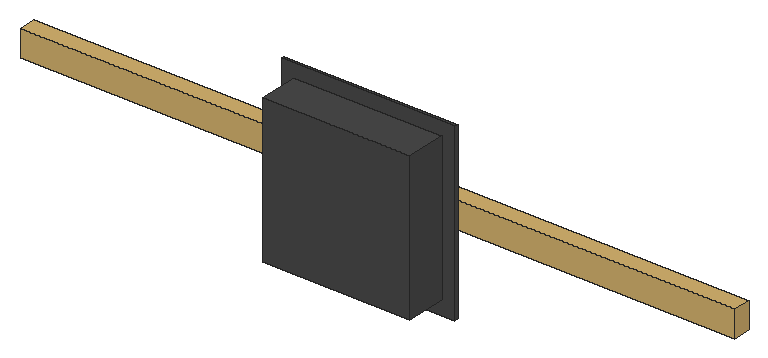
Revit family "3-53-xxxx - Zora Vanity", category Lighting Fixtures, host Wall, Revit 2018
Family settings
  Host = Wall
  Round Connector Dimension = Use Diameter
  Part Type = Normal
  OmniClass Number = 23.80.70.00
  OmniClass Title = Lighting
  Always vertical = Yes
  Cut with Voids When Loaded = No
  Light Source = Yes
  Shared = No
  Room Calculation Point = No
Parameters (values of type "3-53-1550 / Black - Industrial Brass")
  Wattage Comments = "1 x 12.5w at 120"  # constant formula
  Wattage = 9.2903 W
  built-in parameter 1150110 = 1 (stored number, unit not read)
  Voltage Input = "120 V or 277 V - 50/60 Hz"  # constant formula
  Voltage = 120 V
  URL = "www.oxygenlighting.com"
  built-in parameter 1114217 = 1 (stored number, unit not read)
  built-in parameter 1150109 = 1 (stored number, unit not read)
  built-in parameter 1150134 = (empty or 0)
  built-in parameter 1150113 = 1 (stored number, unit not read)
  References = "Ref. 3 = 120 V / Ref. 37 = 277 V"  # constant formula
  Model = "3-53-xxxx / Zora Vanity"  # constant formula
  Metal Finish 2 = 15 - Black
  Metal Finish 1 = 50 - Industrial Brass
  Manufacturer = "Oxygen - Lighting & Fans"  # constant formula
  Lumens = 1380 lm
  built-in parameter 1150115 = 1 (stored number, unit not read)
  built-in parameter 1150105 = 109.82 (stored number, unit not read)
  Light Source Symbol Size = 2 ft
  built-in parameter 1150137 = (empty or 0)
  built-in parameter 1150139 = (empty or 0)
  built-in parameter 1150112 = 1 (stored number, unit not read)
  built-in parameter 1150114 = 1 (stored number, unit not read)
  Lamp = "LED Array"  # constant formula
  built-in parameter 1150132 = 2
  built-in parameter 1150102 = (empty or 0)
  built-in parameter 1150138 = (empty or 0)
  built-in parameter 1150107 = 3000 (stored number, unit not read)
  built-in parameter 1150106 = 1.0982 (stored number, unit not read)
  built-in parameter 1150104 = 13.8 (stored number, unit not read)
  Dimming Lamp Color Temperature Shift = <None>
  Color Filter = 16777215
  built-in parameter 1114218 = 1 (stored number, unit not read)
  built-in parameter 1150133 = 10 (stored number, unit not read)
Types (2, lengths in ft): name | URL | Metal Finish 2
  3-53-650 / White - Industrial Brass | 0 | 6 - White
  3-53-1550 / Black - Industrial Brass | "www.oxygenlighting.com" | 15 - Black
Reference planes (ft)
  plane 1: y = 0
  plane 2 "Light Source Axis (L/R)": x = 0.410105
  plane 3 "Light Source Axis (F/R)": y = 0.492126
  plane 4 "Light Source Elevation": z = 5.905512
  plane 5: y = 0.246063
  plane 6: y = 0.393391
Forms (ft)
  Extrusion 1, solid, material "15 - Black" <- "Metal Finish 2"
    sketch origin (0, 0.492126, 0) x (1, 0, 0) y (0, 0, 1)
      loop
        line (0.62336, 6.118766) -> (0.19685, 6.118766) -> (0.19685, 5.692257) -> (0.62336, 5.692257) -> (0.62336, 6.118766)
    from 0.141386 to 0.147821
  Extrusion 2, solid, material "15 - Black" <- "Metal Finish 2"
    sketch origin (0, 0.492126, 0) x (1, 0, 0) y (0, 0, 1)
      loop
        line (0.590551, 6.085958) -> (0.229659, 6.085958) -> (0.229659, 5.725066) -> (0.590551, 5.725066) -> (0.590551, 6.085958)
    from 0.147821 to 0.246063
  Revolve 3, solid, material "50 - Industrial Brass" <- "Metal Finish 1"
    sketch origin (0, 0, 5.905512) x (1, 0, 0) y (0, 1, 0)
      loop
        line (0.492126, 0.42948) -> (0.410105, 0.42948) -> (0.410105, 0.35074) -> (0.470486, 0.35074) -> (0.470486, 0.357301) -> (0.492126, 0.357301) -> (0.492126, 0.42948)
      axis (0.410105, 0.42948) -> (0.410105, 0.35074)
    angle from 0 to 360
  Extrusion 4, solid, material "50 - Industrial Brass" <- "Metal Finish 1"
    sketch origin (0.410105, 0, 0) x (0, 1, 0) y (0, 0, 1)
      loop
        line (0.413896, 5.93832) -> (0.372885, 5.93832) -> (0.372885, 5.872703) -> (0.413896, 5.872703) -> (0.413896, 5.93832)
    from -0.876043 to 0.876043
  Extrusion 5, void
    sketch origin (0.410105, 0.503465, 0.158285) x (0, 1, 0) y (0, 0, 1)
      loop
        line (-0.089569, 5.780035) -> (-0.13058, 5.780035) -> (-0.13058, 5.714418) -> (-0.089569, 5.714418) -> (-0.089569, 5.780035)
    from -0.180446 to 0.180446
Cuts and joins
  Extrusion 5 cuts Revolve 3
Text (ft)
  text "Placement side" at (-5.863317, 3.663974, 0), in view "Ref. Level"
  text "Placement side" at (0, 6.92387, 9.796778), in view "Left"
  text "Placement side" at (0, 2.061937, 9.881781), in view "Right"
Dimensions and locks (ft)
  equal spacing: Extrusion 1 sketch curve, plane 4 "Light Source Elevation", Extrusion 1 sketch curve
  locked: Extrusion 1 sketch curve to Extrusion 1 sketch curve at 0.426509  (x2)
  equal spacing: Extrusion 1 sketch curve, plane 2 "Light Source Axis (L/R)", Extrusion 1 sketch curve
  equal spacing: Extrusion 2 sketch curve, plane 2 "Light Source Axis (L/R)", Extrusion 2 sketch curve
  locked: Extrusion 2 sketch curve to Extrusion 2 sketch curve at 0.360892  (x2)
  equal spacing: Extrusion 2 sketch curve, plane 4 "Light Source Elevation", Extrusion 2 sketch curve
  locked: plane 5 to Extrusion 2 at 0.098242
  locked: Extrusion 1 to Extrusion 1 at 0.006434
  locked: Revolve 3 sketch curve to Extrusion 1 at 0.006562
  locked: Revolve 3 sketch curve to Revolve 3 sketch curve at 0.072178
  locked: Revolve 3 sketch curve to Revolve 3 sketch curve at 0.082021
  locked: Revolve 3 to plane 6 at 0.036089
  equal spacing: Extrusion 4, plane 2 "Light Source Axis (L/R)", Extrusion 4
  locked: Extrusion 4 to Extrusion 4 at 1.752086
  locked: Extrusion 4 sketch curve to Extrusion 4 sketch curve at 0.065617
  equal spacing: Extrusion 4 sketch curve, plane 4 "Light Source Elevation", Extrusion 4 sketch curve
  equal spacing: Extrusion 4 sketch curve, plane 6, Extrusion 4 sketch curve
  locked: Extrusion 4 sketch curve to Extrusion 4 sketch curve at 0.04101
  aligned and locked: plane 1 to host wall
  aligned and locked: plane 2 "Light Source Axis (L/R)" to imposter light
  aligned and locked: plane 3 "Light Source Axis (F/R)" to imposter light
  aligned and locked: plane 4 "Light Source Elevation" to imposter light
  aligned and locked: plane 5 to host wall
  aligned and locked: plane 5 to Extrusion 2
  aligned and locked: Extrusion 1 to Extrusion 2
  aligned and locked: Extrusion 1 to Revolve 3 sketch curve
  aligned and locked: Revolve 3 sketch curve to plane 2 "Light Source Axis (L/R)"  (x2)
  aligned and locked: Extrusion 2 to Extrusion 5  (x2)
  aligned and locked: Extrusion 5 sketch curve to Extrusion 4  (x4)
Automatic sketch dimensions
  Revolve 3 sketch curve to Revolve 3 sketch curve = 0.02164 ft
  host wall to Revolve 3 sketch curve = 1.474222 ft
  Revolve 3 sketch curve to plane 3 "Light Source Axis (F/R)" = 1.273395 ft
Connectors (ft)
  electrical at (0.410105, 0.246063, 5.905512), driven by "Voltage"
    settings: on Extrusion 2, index 1, voltage 120 V, apparent load 0 VA, apparent load phase1 0 VA, apparent load phase2 0 VA, apparent load phase3 0 VA, power factor 1, load classification "Other", number of poles 1, system type 31, power factor state 1, is connector primary yes, connector utility no, sub classification motor no, connector description ""
